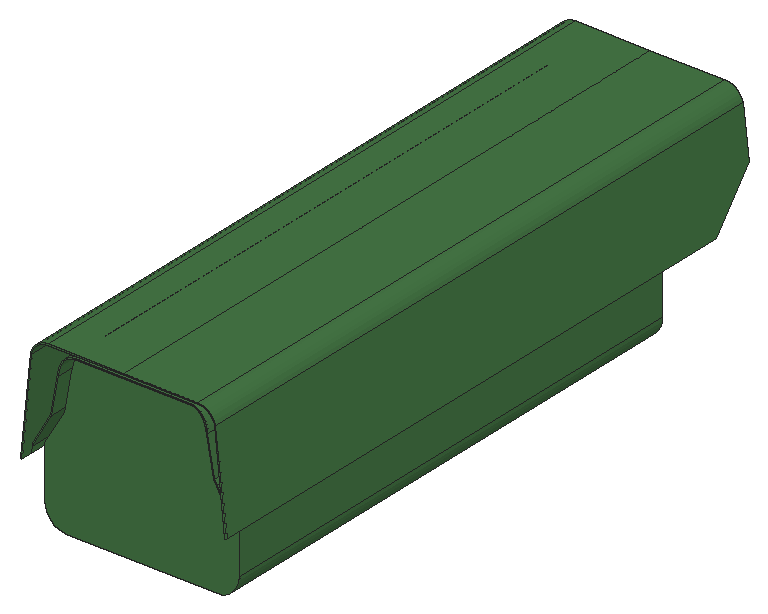
Revit family "SDP-8082 Видеокамера дальнего обзора_RV17_LOD400", category Устройства связи, Revit 2017
Family settings
  Сохранять ориентацию аннотаций = Нет
  Размер круглого соединителя = Использовать диаметр
  Тип детали = Нормальный
  На основе рабочей плоскости = Нет
  Всегда вертикально = Нет
  При загрузке вырезать с полостями = Нет
  Общий = Нет
  Точка расчета площади = Нет
Parameters (values of type "SDP-8082")
  Широкий динамический диапазон (WDR) = "Есть(120Дб)"
  Чувствительность ч/б, Люкс = "0,001 / F1.2"
  Чувствительность цвет, Люкс = "0,01 / F1.2"
  Формат сжатия = "H.265"
  Фокусное расстояние, мм = "от 8 до 120"
  Угол поля зрения по диагонали, град. = "52,9 – 3,8"
  Угол поля зрения по горизонтали, град. = "43,2 – 3,1"
  Угол поля зрения по вертикали, град. = "32,8 – 2,3"
  Угол по горизонтали [instance] = 43.20°
  Трехмерное шумоподавление (DNR) = "Есть(3D)"
  Тип крепления объектива = "C/СS"
  Смещение_УГО_Y [instance] = 1000 mm
  Смещение_УГО_X [instance] = 1000 mm
  Скорость электронного затвора, с = "1-1/50,000"
  Скорость передачи = "200Кб/сек – 12МБ/сек"
  Режим работы = "непрерывный"
  Режим «День/ночь» = "Механический ИК-фильтр с автопереключением"
  Разрешение матрицы, пикс = "2592х1944"
  Раздел проекта [instance] = ""
  Раздел Спецификации [instance] = ""
  Потребляемая мощность встроенного обогрева, Вт = "30"
  Потребляемая мощность видеокамеры, Вт = "6 (макс. 9 при включении ИК фильтра)"
  Объектив = "Моторизованный трансфокатор"
  Обнаружение и распознавание цели типа “человек”, до, м = "2000"
  Обнаружение и распознавание цели типа “автомобиль”, до, м = 3000 mm
  Напряжение электропитания постоянного тока дополнительного обогрева, В = 24
  Напряжение электропитания постоянного тока видеокамеры, В = 12
  Напряжение = "12"
  Мощность = "6"
  Минимальная дальность наблюдения, не менее, м = "50"
  Матрица = "1/1,8\" CMOS"
  Диапазон рабочих температур, ºС = "от -40 до +50"
  Диапазон диафрагмы (F-стоп) = "1,8 – 360"
  Видимость_УГО [instance] = yes
  В_Смещение_УГО_Y [instance] = Смещение_УГО_Y + 2000 mm  # 3000 mm
  В_Смещение_УГО_X [instance] = Смещение_УГО_X + 2000 mm  # 3000 mm
  d_короба = 20 mm
  ADSK_Размер_Ширина = 186 mm
  ADSK_Размер_Длина = 586 mm
  ADSK_Размер_Высота = 166 mm
  ADSK_Примечание = ""
  ADSK_Наименование = "Видеокамера дальнего обзора SDP-8082"
  ADSK_Масса = 11
  ADSK_Марка = "СТВФ.426459.036"
  ADSK_Количество = 1
  ADSK_Завод-изготовитель = "ООО «Основа Безопасности»"  # constant formula
  ADSK_Единица измерения = "шт."  # constant formula
  ADSK_URL страницы изделия = "https://stilsoft.ru/products/sdp-8082"
  ADSK_URL документации изделия = ""
Reference planes
  plane 1 "По центру (Вперед/Назад)": y = 0
  plane 2: z = 0
  plane 3 "По центру (Влево/Вправо)": x = 0
  plane 4: y = 2000
  plane 5: x = -2000
  plane 6: x = 1000
  plane 7: y = -1000
  plane 8: y = -60
  plane 9 "5": y = 410
  plane 10: y = -81
  plane 11: y = 505
  plane 12: x = 86.5
  plane 13: x = -86.5
  plane 14: x = 93
  plane 15: x = -93
  plane 16: z = 166
Forms (mm)
  Extrusion 1, solid, material "По умолчанию", detail levels medium+fine
    sketch origin (0, 0, 0) x (1, 0, 0) y (0, 0, 1)
      loop
        arc (-86.5, 25) -> (-80.642, 10.858) -> (-66.5, 5) r 20
        line (-66.5, 5) -> (66.5, 5)
        arc (66.5, 5) -> (80.642, 10.858) -> (86.5, 25) r 20
        line (86.5, 25) -> (86.5, 71) -> (69, 101.311) -> (62.922, 135.779)
        spline (62.922, 135.779) -> (62.387, 138.442) -> (61.773, 140.813) -> (61.079, 142.903) -> (60.302, 144.725) -> (59.442, 146.289) -> (58.496, 147.608) -> (57.463, 148.692) -> (56.342, 149.554) -> (55.131, 150.204) -> (53.829, 150.654) -> (52.433, 150.915) -> (50.943, 151)
        line (50.943, 151) -> (-50.943, 151)
        spline (-50.943, 151) -> (-52.433, 150.915) -> (-53.829, 150.654) -> (-55.131, 150.204) -> (-56.342, 149.554) -> (-57.463, 148.692) -> (-58.496, 147.608) -> (-59.442, 146.289) -> (-60.302, 144.725) -> (-61.079, 142.903) -> (-61.773, 140.813) -> (-62.387, 138.442) -> (-62.922, 135.779)
        line (-62.922, 135.779) -> (-69, 101.311) -> (-86.5, 71) -> (-86.5, 25)
    from -410 to 60
  Extrusion 2, solid, material "По умолчанию", detail levels medium+fine
    sketch origin (0, 0, 0) x (1, 0, 0) y (0, 0, 1)
      loop
        spline (51.446, 154.009) -> (53.506, 153.845) -> (55.457, 153.35) -> (57.262, 152.534) -> (58.885, 151.428) -> (60.305, 150.077) -> (61.522, 148.533) -> (62.554, 146.839) -> (63.441, 144.999) -> (64.207, 143.015) -> (64.86, 140.898) -> (65.412, 138.656) -> (65.877, 136.3)
        line (65.877, 136.3) -> (71.863, 102.353) -> (89.098, 72.5) -> (89.655, 66.13) -> (90.659, 66.13) -> (89.964, 73) -> (72.817, 102.7) -> (66.862, 136.474)
        spline (66.862, 136.474) -> (66.388, 138.871) -> (65.82, 141.164) -> (65.148, 143.342) -> (64.359, 145.395) -> (63.437, 147.314) -> (62.345, 149.101) -> (61.044, 150.749) -> (59.515, 152.204) -> (57.752, 153.404) -> (55.787, 154.294) -> (53.668, 154.831) -> (51.446, 155.009)
        line (51.446, 155.009) -> (-51.247, 155.009)
        spline (-51.247, 155.009) -> (-53.002, 154.906) -> (-54.767, 154.578) -> (-56.51, 153.997) -> (-58.194, 153.137) -> (-59.773, 152.003) -> (-61.209, 150.612) -> (-62.486, 148.986) -> (-63.606, 147.132) -> (-64.58, 145.05) -> (-65.417, 142.74) -> (-66.123, 140.187) -> (-66.703, 137.372)
        line (-66.703, 137.372) -> (-72.817, 102.7) -> (-89.964, 73) -> (-90.659, 66.13) -> (-89.655, 66.13) -> (-89.098, 72.5) -> (-71.863, 102.353) -> (-65.886, 136.248)
        spline (-65.886, 136.248) -> (-65.339, 139.167) -> (-64.667, 141.795) -> (-63.87, 144.151) -> (-62.942, 146.252) -> (-61.878, 148.104) -> (-60.672, 149.713) -> (-59.322, 151.077) -> (-57.839, 152.183) -> (-56.254, 153.02) -> (-54.606, 153.588) -> (-52.927, 153.908) -> (-51.247, 154.009)
        line (-51.247, 154.009) -> (51.446, 154.009)
    from -463.186 to 70.18
  Extrusion 3, solid, material "По умолчанию", detail levels medium+fine
    sketch origin (0, 0, 0) x (1, 0, 0) y (0, 0, 1)
      loop
        line (-90.659, 66.13) -> (-81.494, 153.328)
        arc (-81.494, 153.328) -> (-76.001, 161.738) -> (-66.5, 165) r 15.467
        line (-66.5, 165) -> (0, 165) -> (66.5, 165)
        arc (66.5, 165) -> (76.001, 161.738) -> (81.494, 153.328) r 15.467
        line (81.494, 153.328) -> (90.659, 66.13) -> (91.665, 66.13) -> (82.489, 153.433)
        arc (82.489, 153.433) -> (76.668, 162.482) -> (66.5, 166) r 16.455
        line (66.5, 166) -> (0, 166) -> (-66.5, 166)
        arc (-66.5, 166) -> (-76.668, 162.482) -> (-82.489, 153.433) r 16.455
        line (-82.489, 153.433) -> (-91.665, 66.13) -> (-90.659, 66.13)
    from -505 to 81
  Extrusion 4, void
    sketch origin (0, 0, 0) x (0, 1, 0) y (0, 0, 1)
      loop
        line (463.186, 66.13) -> (460, 47.944) -> (525, 47.944) -> (525, 107.944) -> (505, 107.944) -> (463.186, 66.13)
    from -93 to 93
  Extrusion 5, void
    sketch origin (0, 0, 0) x (1, 0, 0) y (0, 0, 1)
      loop
        arc (-50, 30) -> (-48.536, 26.464) -> (-45, 25) r 5
        line (-45, 25) -> (45, 25)
        arc (45, 25) -> (48.536, 26.464) -> (50, 30) r 5
        line (50, 30) -> (50, 110)
        arc (50, 110) -> (48.536, 113.536) -> (45, 115) r 5
        line (45, 115) -> (-45, 115)
        arc (-45, 115) -> (-48.536, 113.536) -> (-50, 110) r 5
        line (-50, 110) -> (-50, 30)
    from -410 to -402.109
  Extrusion 6, solid, material "Стекло", detail levels medium+fine
    sketch origin (0, 410, 0) x (-1, 0, 0) y (0, 0, 1)
      loop
        line (45, 115) -> (-45, 115)
        arc (-45, 115) -> (-48.536, 113.536) -> (-50, 110) r 5
        line (-50, 110) -> (-50, 30)
        arc (-50, 30) -> (-48.536, 26.464) -> (-45, 25) r 5
        line (-45, 25) -> (45, 25)
        arc (45, 25) -> (48.536, 26.464) -> (50, 30) r 5
        line (50, 30) -> (50, 110)
        arc (50, 110) -> (48.536, 113.536) -> (45, 115) r 5
    from -7.891 to -5.771
  Extrusion 7, solid, detail levels medium+fine
    sketch origin (0, 0, 0) x (1, 0, 0) y (0, 1, 0)
      loop
        circle (0, 0) r 20
    from -12.392 to 0
  Extrusion 8, solid, material "По умолчанию", detail levels medium+fine
    sketch origin (0, 0, 0) x (1, 0, 0) y (0, 0, 1)
      loop
        line (0, 0) -> (55, 0) -> (58.536, 3.536) -> (58.536, 5) -> (0, 5) -> (-58.536, 5) -> (-58.536, 3.536) -> (-55, 0) -> (0, 0)
    from -397.449 to 52.567
Cuts and joins
  Extrusion 4 cuts Extrusion 3
  Extrusion 5 cuts Extrusion 1
Dimensions and locks
  locked: plane 4 to plane 1 "По центру (Вперед/Назад)" at 2000
  locked: plane 5 to plane 3 "По центру (Влево/Вправо)" at 2000
  "В_Смещение_УГО_X": plane 5 to plane 6
  "В_Смещение_УГО_Y": plane 4 to plane 7
  aligned and locked: level to plane 2
  aligned and locked: nested 1 to plane 7
Automatic sketch dimensions
  plane 13 to Extrusion 1 sketch curve = 0 mm
  Extrusion 1 sketch curve to plane 12 = 0 mm
  Extrusion 1 sketch curve to plane 13 = 17.5 mm
  Extrusion 1 sketch curve to plane 13 = 20 mm
  Extrusion 1 sketch curve to plane 13 = 23.578 mm
  Extrusion 1 sketch curve to plane 16 = 15 mm
  Extrusion 1 sketch curve to plane 12 = 35.557 mm
  Extrusion 1 sketch curve to Extrusion 1 sketch curve = 11.98 mm  (x2)
  Extrusion 1 sketch curve to plane 12 = 20 mm
  Extrusion 1 sketch curve to plane 12 = 17.5 mm
  Extrusion 1 sketch curve to Extrusion 1 sketch curve = 15.221 mm  (x2)
  Extrusion 1 sketch curve to Extrusion 1 sketch curve = 34.468 mm  (x2)
  Extrusion 1 sketch curve to Extrusion 1 sketch curve = 30.311 mm  (x2)
  level to Extrusion 1 sketch curve = 25 mm
  Extrusion 2 sketch curve to plane 15 = 2.341 mm
  Extrusion 2 sketch curve to Extrusion 2 sketch curve = 1.004 mm  (x2)
  Extrusion 2 sketch curve to Extrusion 2 sketch curve = 0.866 mm  (x2)
  Extrusion 2 sketch curve to plane 13 = 13.683 mm
  Extrusion 2 sketch curve to Extrusion 2 sketch curve = 0.954 mm  (x2)
  Extrusion 2 sketch curve to plane 13 = 19.797 mm
  Extrusion 2 sketch curve to Extrusion 2 sketch curve = 0.817 mm
  Extrusion 2 sketch curve to plane 16 = 11.991 mm
  Extrusion 2 sketch curve to Extrusion 2 sketch curve = 15.456 mm
  Extrusion 2 sketch curve to plane 16 = 10.991 mm
  Extrusion 2 sketch curve to Extrusion 2 sketch curve = 0 mm  (x2)
  Extrusion 2 sketch curve to plane 12 = 35.054 mm
  Extrusion 2 sketch curve to plane 12 = 20.623 mm
  Extrusion 2 sketch curve to Extrusion 2 sketch curve = 0.985 mm
  Extrusion 2 sketch curve to plane 12 = 14.637 mm
  plane 12 to Extrusion 2 sketch curve = 2.598 mm
  plane 12 to Extrusion 2 sketch curve = 3.155 mm
  Extrusion 2 sketch curve to Extrusion 2 sketch curve = 16.636 mm
  Extrusion 2 sketch curve to Extrusion 2 sketch curve = 17.535 mm
  Extrusion 2 sketch curve to Extrusion 2 sketch curve = 0.174 mm
  Extrusion 2 sketch curve to Extrusion 2 sketch curve = 1.125 mm
  Extrusion 2 sketch curve to Extrusion 2 sketch curve = 33.774 mm
  Extrusion 2 sketch curve to Extrusion 2 sketch curve = 33.548 mm
  Extrusion 2 sketch curve to Extrusion 2 sketch curve = 0.347 mm  (x2)
  Extrusion 2 sketch curve to Extrusion 2 sketch curve = 29.7 mm
  Extrusion 2 sketch curve to Extrusion 2 sketch curve = 0.5 mm  (x2)
  Extrusion 2 sketch curve to Extrusion 2 sketch curve = 6.37 mm  (x2)
  Extrusion 2 sketch curve to plane 15 = 3.036 mm
  Extrusion 2 sketch curve to Extrusion 2 sketch curve = 36.57 mm
  Extrusion 3 sketch curve to plane 16 = 0 mm
  Extrusion 3 sketch curve to plane 3 "По центру (Влево/Вправо)" = 0 mm  (x2)
  Extrusion 3 sketch curve to plane 13 = 20 mm
  Extrusion 3 sketch curve to Extrusion 3 sketch curve = 0 mm  (x2)
  Extrusion 3 sketch curve to plane 13 = 5.006 mm
  Extrusion 3 sketch curve to Extrusion 3 sketch curve = 0.995 mm  (x2)
  Extrusion 3 sketch curve to plane 15 = 2.341 mm
  Extrusion 3 sketch curve to Extrusion 3 sketch curve = 1.006 mm  (x2)
  Extrusion 3 sketch curve to plane 12 = 20 mm
  Extrusion 3 sketch curve to plane 12 = 5.006 mm
  Extrusion 3 sketch curve to plane 14 = 2.341 mm
  Extrusion 3 sketch curve to Extrusion 3 sketch curve = 1 mm
  Extrusion 3 sketch curve to plane 16 = 12.567 mm  (x2)
  Extrusion 3 sketch curve to Extrusion 3 sketch curve = 0.105 mm  (x2)
  level to Extrusion 3 sketch curve = 66.13 mm  (x2)
  Extrusion 4 sketch curve to plane 11 = 0 mm
  plane 11 to Extrusion 4 sketch curve = 20 mm
  level to Extrusion 4 sketch curve = 47.944 mm
  Extrusion 4 sketch curve to plane 16 = 58.056 mm
  Extrusion 4 sketch curve to plane 11 = 41.814 mm
  Extrusion 4 sketch curve to Extrusion 4 sketch curve = 3.186 mm
  Extrusion 4 sketch curve to Extrusion 4 sketch curve = 18.186 mm
  Extrusion 5 sketch curve to plane 12 = 41.5 mm
  Extrusion 5 sketch curve to plane 16 = 56 mm
  Extrusion 5 sketch curve to Extrusion 5 sketch curve = 5 mm  (x4)
  Extrusion 5 sketch curve to plane 13 = 36.5 mm
  level to Extrusion 5 sketch curve = 25 mm
  plane 1 "По центру (Вперед/Назад)" to Extrusion 7 sketch curve = 0 mm
  Extrusion 7 sketch curve to plane 3 "По центру (Влево/Вправо)" = 0 mm
  Extrusion 8 sketch curve to level = 0 mm
  Extrusion 8 sketch curve to plane 3 "По центру (Влево/Вправо)" = 0 mm  (x2)
  Extrusion 8 sketch curve to plane 13 = 31.5 mm
  level to Extrusion 8 sketch curve = 3.536 mm  (x2)
  Extrusion 8 sketch curve to Extrusion 8 sketch curve = 3.536 mm  (x2)
  Extrusion 8 sketch curve to plane 12 = 31.5 mm
  Extrusion 8 sketch curve to Extrusion 8 sketch curve = 1.464 mm
  Extrusion 6 sketch curve to plane 12 = 36.5 mm
  Extrusion 6 sketch curve to Extrusion 6 sketch curve = 5 mm  (x3)
  Extrusion 6 sketch curve to plane 13 = 41.5 mm  (x2)
  level to Extrusion 6 sketch curve = 25 mm
  Extrusion 6 sketch curve to plane 16 = 56 mm
  radius of Extrusion 7 sketch curve = 20 mm
Nested families
  nested 1: "УГО_уличная камера" at (1000, -1000, 0), visible <- "Видимость_УГО", type "УГО_камера", detail levels coarse
  nested 2: "Зона действия обнаружения" at (-10, 404.229, 66.13) x (-1, 0, 0) z (0, 1, 0), Угол по горизонтали <- "Угол по горизонтали", type "Зона действия обнаужения", detail levels fine
    with Угол по горизонтали 43.20°, Угол по вертикали 32.80°, В_Угол по горизонтали 43.20°, L2 50358.805 mm, L1 100 mm, L 50358.805 mm, Hv1 60.122 mm, Hv 30276.923 mm, Hg1 79.186 mm, H 30276.923 mm, D 39876.923 mm
Connectors
  electrical at (0, 0, -12.392)
    settings: on Extrusion 7, index 1, voltage 0 V, apparent load 0 VA, apparent load phase1 0 VA, apparent load phase2 0 VA, apparent load phase3 0 VA, power factor 1, load classification "Прочее", number of poles 1, system type 31, power factor state 1, is connector primary yes, connector utility no, sub classification motor no, connector description ""
  cabletrayconduit at (0, 0, -12.392), diameter 20, driven by "d_короба"
    settings: on Extrusion 7, index 2, connector width 300 mm, connector height 300 mm, connector angle 0.00°, system type 32, placement type 0, profile type 0, connector reference index -1, is primary connector yes, connector utility param no, connector description ""
Definition of nested family "УГО_уличная камера"
  Reference planes
    plane 1: y = 0
    plane 2: x = 0
  Lines and regions (mm)
    detail lines
      curve 1: line (4, -1.181, 0) -> (-3.962, -1.181, 0)
      curve 2: line (4, -16.181, 0) -> (4, -1.181, 0)
      curve 3: line (-3.962, -16.181, 0) -> (4, -16.181, 0)
      curve 4: line (-3.962, -1.181, 0) -> (-3.962, -16.181, 0)
      curve 5: line (0.019, -16.181, 0) -> (4.079, -20.241, 0)
      curve 6: line (4.079, -20.241, 0) -> (-3.962, -20.241, 0)
      curve 7: line (-3.962, -20.241, 0) -> (0.098, -16.181, 0)
      curve 8: line (-5, 0, 0) -> (5, 0, 0)
      curve 9: line (5, 0, 0) -> (5, -16.181, 0)
      curve 10: line (-5, 0, 0) -> (-5, -16.181, 0)
    detail lines, not visible
      curve 11: line (4, -1.181, 0) -> (-3.962, -1.181, 0)
      curve 12: line (4, -16.181, 0) -> (4, -1.181, 0)
      curve 13: line (-3.962, -16.181, 0) -> (4, -16.181, 0)
      curve 14: line (-3.962, -1.181, 0) -> (-3.962, -16.181, 0)
      curve 15: line (0.019, -16.181, 0) -> (4.079, -20.241, 0)
      curve 16: line (4.079, -20.241, 0) -> (-3.962, -20.241, 0)
      curve 17: line (-3.962, -20.241, 0) -> (0.098, -16.181, 0)
      curve 18: line (-5, 0, 0) -> (5, 0, 0)
      curve 19: line (5, 0, 0) -> (5, -16.181, 0)
      curve 20: line (-5, 0, 0) -> (-5, -16.181, 0)
Definition of nested family "Зона действия обнаружения"
  Parameters (values of type "Зона действия обнаужения")
    Угол по горизонтали [instance] = 3.10°
    Угол по вертикали [instance] = ((Угол по горизонтали - Ug_min) * (Uv_max - Uv_min)) / (Ug_max - Ug_min) + Uv_min  # 2.30°
    Default Elevation = 1219.2 mm
    М_ш = 7.2 mm  # constant formula
    В_Угол по горизонтали [instance] = if(and(Угол по горизонтали > 3.09°, not(Угол по горизонтали > 43.21°)), Угол по горизонтали, 1.00°)  # 3.10°
    Uv_min = 2.30°  # constant formula
    Uv_max = 32.80°  # constant formula
    Ug_min = 3.10°  # constant formula
    Ug_max = 43.20°  # constant formula
    Rv = 1944  # constant formula
    R = 2592  # constant formula
    L2 [instance] = D / 2 / tan(Угол по горизонтали / 2)  # 736845.806 mm
    L1 [instance] = 100 mm
    L [instance] = L2  # 736845.806 mm
    K = 65
    Hv1 [instance] = L1 / L2 * Hv  # 4.015 mm
    Hv [instance] = D * Угол по вертикали / Угол по горизонтали  # 29586.104 mm
    Hg1 [instance] = L1 / L2 * D  # 5.412 mm
    H [instance] = Hv  # 29586.104 mm
    F_min = 8 mm  # constant formula
    F_max = 120 mm  # constant formula
    F = 50 mm
    D [instance] = R / K * 1000 mm  # 39876.923 mm
  Reference planes
    plane 1 "По центру (Вперед/Назад)": y = 0
    plane 2: z = 0
    plane 3 "По центру (Влево/Вправо)": x = 0
    plane 4 "L1": z = 100
  Forms (mm)
    Blend 1, void, detail levels medium+fine
      base sketch origin (0, 0, 0) x (1, 0, 0) y (0, 1, 0)
        loop
          line (-2.706, 2.008) -> (-2.706, -2.008) -> (2.706, -2.008) -> (2.706, 2.008) -> (-2.706, 2.008)
      top sketch origin (0, 0, 0) x (1, 0, 0) y (0, 1, 0)
        loop
          line (-19938.462, 14793.052) -> (-19938.462, -14793.052) -> (19938.462, -14793.052) -> (19938.462, 14793.052) -> (-19938.462, 14793.052)
      from 100 to 736845.806
  Lines and regions (mm)
    model lines, detail levels medium+fine
      curve 1: line (19938.462, 14793.052, 736845.806) -> (-19938.462, 14793.052, 736845.806)
      curve 2: line (-19938.462, 14793.052, 736845.806) -> (-19938.462, -14793.052, 736845.806)
      curve 3: line (-19938.462, -14793.052, 736845.806) -> (19938.462, -14793.052, 736845.806)
      curve 4: line (19938.462, -14793.052, 736845.806) -> (19938.462, 14793.052, 736845.806)
      curve 5: line (-19938.462, -14793.052, 736845.806) -> (-2.706, -2.008, 100)
      curve 7: line (-2.706, 2.008, 100) -> (-19938.462, 14793.052, 736845.806)
      curve 8: line (19938.462, 14793.052, 736845.806) -> (2.706, 2.008, 100)
      curve 10: line (2.706, -2.008, 100) -> (19938.462, -14793.052, 736845.806)
    model lines
      curve 6: line (-2.706, -2.008, 100) -> (-2.706, 2.008, 100)
      curve 9: line (2.706, 2.008, 100) -> (2.706, -2.008, 100)
  Dimensions and locks
    "L1": plane 4 "L1" to level
    equal spacing: Blend 1 sketch curve, plane 3 "По центру (Влево/Вправо)", Blend 1 sketch curve  (x2)
    equal spacing: Blend 1 sketch curve, plane 1 "По центру (Вперед/Назад)", Blend 1 sketch curve  (x2)
    "H": Blend 1 sketch curve to Blend 1 sketch curve
    "D": Blend 1 sketch curve to Blend 1 sketch curve
    "Hg1": Blend 1 sketch curve to Blend 1 sketch curve
    "Hv1": Blend 1 sketch curve to Blend 1 sketch curve
    "L": Blend 1 to plane 2
    aligned and locked: level to plane 2
    aligned and locked: Blend 1 to curve 1
    aligned and locked: Blend 1 to curve 3
    aligned and locked: Blend 1 to curve 2
    aligned and locked: Blend 1 to curve 4
  Automatic sketch dimensions
    curve 1 to Blend 1 = 0 mm  (x2)
    curve 3 to Blend 1 = 0 mm
    curve 2 to Blend 1 = 0 mm
    Blend 1 to curve 5 = 0 mm
    curve 5 to Blend 1 = 0 mm  (x3)
    Blend 1 to curve 7 = 0 mm
    curve 7 to Blend 1 = 0 mm  (x2)
    curve 8 to Blend 1 = 0 mm  (x2)
    curve 10 to Blend 1 = 0 mm  (x3)
    curve 9 to Blend 1 = 0 mm
    Blend 1 to curve 8 = 0 mm
